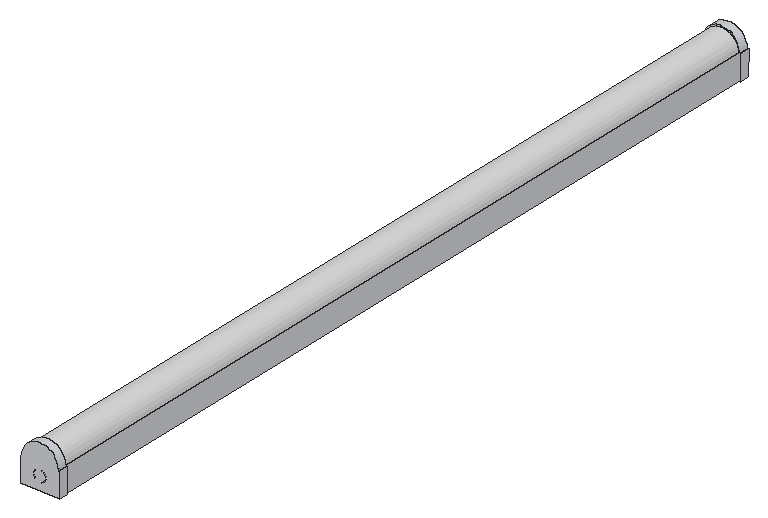
Revit family "0048934", category Lighting Fixtures, host Face, Revit 2017
Family settings
  Host = Face
  Round Connector Dimension = Use Diameter
  Part Type = Normal
  OmniClass Number = 23.80.70.00
  OmniClass Title = Lighting
  Cut with Voids When Loaded = No
  Light Source = Yes
  Shared = No
  Room Calculation Point = No
Parameters (values of type "0048934 WAYLINE 1500 MW 5200LM 840")
  Weight = "7.16 kg"
  Wattage Comments = ""
  Wattage = 37 W
  WarrantyStartDate [instance] = "n/a"
  WarrantyGuarantorParts = "n/a"
  WarrantyDurationUnit = "n/a"
  WarrantyDurationParts = "n/a"
  WarrantyDescription = "n/a"
  WIDTH/2_SYL = 35 mm
  built-in parameter 1150110 = 1 (stored number, unit not read)
  Voltage = 0 V
  URL = "http://www.sylvania-lighting.com"
  TypeName = "Wayline 1500 MW 5200lm 840"
  Type Image = <None>
  Type Comments = "n/a"
  built-in parameter 1114217 = 1 (stored number, unit not read)
  Tilt Angle = -90.00°
  built-in parameter 1150109 = 1 (stored number, unit not read)
  built-in parameter 1150134 = 12
  built-in parameter 1150113 = 1 (stored number, unit not read)
  SerialNumber [instance] = "n/a"
  R_HEIGHT_SYL = 44 mm
  Photometric Web File = "0048934.ies"
  Material_3_SYL = none
  PowerFactor = 0.9
  PowerConsumption = "37 W"
  NominalLength = 1523 mm
  NominalHeight = 76.5 mm
  NominalDepth = 70 mm
  Name = "Wayline 1500 MW 5200lm 840"
  ModelReference = Name  # "Wayline 1500 MW 5200lm 840"
  ModelNumber = "48934"
  Model = Name  # "Wayline 1500 MW 5200lm 840"
  Material = "steel housing, pc polycarbonate diffuser"
  ManufacturerName = "Feilo Sylvania"
  Manufacturer = "Feilo Sylvania"
  LuminousEfficacy = "141 lm/W"
  built-in parameter 1150105 = -7032203 (stored number, unit not read)
  Lumens = 5217 lm
  LuminaireType = ""
  built-in parameter 1150115 = 1 (stored number, unit not read)
  LightOutputRatio = "n/a"
  built-in parameter 1150137 = (empty or 0)
  built-in parameter 1150139 = (empty or 0)
  LampsType = Lamp  # "LED"
  LampNominalLuminous = "5200 lm"
  LampMacAdamStep = "5"
  LampColourTemperature = "4000 K"
  LampColourRenderingIndex = "80"
  built-in parameter 1150112 = 1 (stored number, unit not read)
  built-in parameter 1150114 = 1 (stored number, unit not read)
  Lamp = "LED"
  LUM_R_SYL = 30 mm
  Keynote = "16500"
  InstallationDate [instance] = "n/a"
  InputVoltage = "n/a"
  InputNominalFrequency = "n/a"
  built-in parameter 1150132 = (empty or 0)
  built-in parameter 1150102 = (empty or 0)
  built-in parameter 1150107 = 4000 (stored number, unit not read)
  built-in parameter 1150138 = (empty or 0)
  IngressProtection = "IP20"
  ImpactProtectionIndex = "IK08"
  built-in parameter 1150106 = -70322 (stored number, unit not read)
  IfcExportType = "IfcLightFixtureType"
  IfcExportAs = "IfcLightFixtureType"
  HOLE_HEIGHT_SYL = 24 mm
  HEIGHT_SYL = 76.5 mm
  GAP_SYL = 2.5 mm
  Emit from Circle Diameter = 609.6 mm
  Emit Shape Visible in Rendering = no
  ElectricShockClassification = "Class I"
  built-in parameter 1150104 = 13.099 (stored number, unit not read)
  DocumentationLiterature = "http://www.sylvania-lighting.com/product/en-int/products/0048934"
  DimmingControlOptions = "n/a"
  Material_2_SYL = none
  Dimming Lamp Color Temperature Shift = <None>
  Description = "LED batten, T8 replacement, ease of installation through 2 part push-in design of the housing (safety cable included), through wiring capability, steel housing, 5200lm, 37W, 141lm/W, 4000K, CRI80, 3 step MacAdam ellipse, symmetric wide beam angle, Class I, 90000 hrs L80B20 lifespan, non-dimmable driver, MW sensor for 360° detection up to 8m range at 6m mounting height, IK08, IP20, 1523 x 70 x 76.5mm (LxWxD) dimensions, 1.79kg weight."
  Default Elevation = 1219.2 mm
  CreatedOn = "5/25/2021"
  CreatedBy = "@sylvania-lighting.com"
  Cost = 0
  Color Filter = 16777215
  built-in parameter 1114216 [instance] = (empty or 0)
  ClassificationValue = "EF_70_80"
  ClassificationName = "Uniclass2015"
  Material_1_SYL = Dynamo
  BarCode [instance] = "n/a"
  built-in parameter 1114218 = 1 (stored number, unit not read)
  built-in parameter 1150133 = 10 (stored number, unit not read)
  AssetType = "Fixed"
  AssetIdentifier [instance] = "n/a"
  Assembly Code = "D5020200"
  Apparent Load = 37 VA
  Material_4_SYL = none
Types (8, lengths in mm): name | Weight | Wattage | TypeName | Photometric Web File | PowerFactor | PowerConsumption | Name | ModelReference | ModelNumber | Model | LuminousEfficacy | built-in parameter 1150105 | Lumens | LampNominalLuminous | built-in parameter 1150106 | built-in parameter 1150104 | DocumentationLiterature | Description | Apparent Load
  0048954 WAYLINE 1500 MWCOR 5200LM 840 | "8.28 kg" | 38 W | "Wayline 1500 MWCOR 5200lm 840" | "0048954.ies" | 0.9 | "38 W" | "Wayline 1500 MWCOR 5200lm 840" | "Wayline 1500 MWCOR 5200lm 840" | "48954" | "Wayline 1500 MWCOR 5200lm 840" | "137 lm/W" | -7017375.6 (stored number, unit not read) | 5206 lm | "5200 lm" | -70173.8 (stored number, unit not read) | 12.728 (stored number, unit not read) | "http://www.sylvania-lighting.com/product/en-int/products/0048954" | "LED batten, T8 replacement, ease of installation through 2 part push-in design of the housing (safety cable included), through wiring capability, steel housing, 5200lm, 38W, 137lm/W, 4000K, CRI80, 3 step MacAdam ellipse, symmetric wide beam angle, Class I, 90000 hrs L80B20 lifespan, non-dimmable driver, corridor function with microwave presence sensor, IK08, IP20, 1523 x 70 x 76.5mm  (L x W x H) dimensions, 2.07kg." | 38 VA
  0048935 WAYLINE 1500 MW 8400LM 840 | "7.76 kg" | 61 W | "Wayline 1500 MW 8400lm 840" | "0048935.ies" | 0.9 | "61 W" | "Wayline 1500 MW 8400lm 840" | "Wayline 1500 MW 8400lm 840" | "48935" | "Wayline 1500 MW 8400lm 840" | "138 lm/W" | -18329689.9 (stored number, unit not read) | 8418 lm | "8400 lm" | -183296.9 (stored number, unit not read) | 12.821 (stored number, unit not read) | "http://www.sylvania-lighting.com/product/en-int/products/0048935" | "LED batten, T8 replacement, ease of installation through 2 part push-in design of the housing (safety cable included), through wiring capability, steel housing, 8400lm, 61W, 138lm/W, 4000K, CRI80, 3 step MacAdam ellipse, symmetric wide beam angle, Class I, 90000 hrs L80B20 lifespan, non-dimmable driver, MW sensor for 360° detection up to 8m range at 6m mounting height, IK08, IP20, 1523 x 70 x 76.5mm (LxWxD) dimensions, 1.94kg weight." | 61 VA
  0048934 WAYLINE 1500 MW 5200LM 840 | "7.16 kg" | 37 W | "Wayline 1500 MW 5200lm 840" | "0048934.ies" | 0.9 | "37 W" | "Wayline 1500 MW 5200lm 840" | "Wayline 1500 MW 5200lm 840" | "48934" | "Wayline 1500 MW 5200lm 840" | "141 lm/W" | -7032203 (stored number, unit not read) | 5217 lm | "5200 lm" | -70322 (stored number, unit not read) | 13.099 (stored number, unit not read) | "http://www.sylvania-lighting.com/product/en-int/products/0048934" | "LED batten, T8 replacement, ease of installation through 2 part push-in design of the housing (safety cable included), through wiring capability, steel housing, 5200lm, 37W, 141lm/W, 4000K, CRI80, 3 step MacAdam ellipse, symmetric wide beam angle, Class I, 90000 hrs L80B20 lifespan, non-dimmable driver, MW sensor for 360° detection up to 8m range at 6m mounting height, IK08, IP20, 1523 x 70 x 76.5mm (LxWxD) dimensions, 1.79kg weight." | 37 VA
  0048931 WAYLINE 1500 8400LM 840 EM | "9.16 kg" | 64 W | "Wayline 1500 8400lm 840 EM" | "0048931.ies" | 1 | "64 W" | "Wayline 1500 8400lm 840 EM" | "Wayline 1500 8400lm 840 EM" | "48931" | "Wayline 1500 8400lm 840 EM" | "131 lm/W" | -18255657 (stored number, unit not read) | 8384 lm | "8400 lm" | -182556.6 (stored number, unit not read) | 12.17 (stored number, unit not read) | "http://www.sylvania-lighting.com/product/en-int/products/0048931" | "LED batten, T8 replacement, ease of installation through 2 part push-in design of the housing (safety cable included), through wiring capability, steel housing, 8400lm, 64W, 131lm/W, 4000K, CRI80, 3 step MacAdam ellipse, symmetric wide beam angle, Class I, 90000 hrs L80B20 lifespan, non-dimmable driver, 3-hour maintained emergency batteries, IK08, IP20, 1523 x 70 x 76.5mm  (L x W x H) dimensions, 2.29kg." | 64 VA
  0048930 WAYLINE 1500 5200LM 840 EM | "8.56 kg" | 41 W | "Wayline 1500 5200lm 840 EM" | "0048930.ies" | 1 | "41 W" | "Wayline 1500 5200lm 840 EM" | "Wayline 1500 5200lm 840 EM" | "48930" | "Wayline 1500 5200lm 840 EM" | "127 lm/W" | -7018723.6 (stored number, unit not read) | 5207 lm | "5200 lm" | -70187.2 (stored number, unit not read) | 11.799 (stored number, unit not read) | "http://www.sylvania-lighting.com/product/en-int/products/0048930" | "LED batten, T8 replacement, ease of installation through 2 part push-in design of the housing (safety cable included), through wiring capability, steel housing, 5200lm, 41W, 127lm/W, 4000K, CRI80, 3 step MacAdam ellipse, symmetric wide beam angle, Class I, 90000 hrs L80B20 lifespan, non-dimmable driver, 3-hour maintained emergency batteries, IK08, IP20, 1523 x 70 x 76.5mm  (L x W x H) dimensions, 2.14kg." | 41 VA
  0048927 WAYLINE 1500 DALI 8300LM 840 | "8.0 kg" | 60 W | "Wayline 1500 DALI 8300lm 840" | "0048927.ies" | 0.9 | "60 W" | "Wayline 1500 DALI 8300lm 840" | "Wayline 1500 DALI 8300lm 840" | "48927" | "Wayline 1500 DALI 8300lm 840" | "138 lm/W" | -17814585.6 (stored number, unit not read) | 8280 lm | "8300 lm" | -178145.9 (stored number, unit not read) | 12.821 (stored number, unit not read) | "http://www.sylvania-lighting.com/product/en-int/products/0048927" | "LED batten, T8 replacement, ease of installation through 2 part push-in design of the housing (safety cable included), through wiring capability, steel housing, 8300lm, 60W, 138lm/W, 4000K, CRI80, 3 step MacAdam ellipse, symmetric wide beam angle, Class I, 90000 hrs L80B20 lifespan, DALI dimmable driver, IK08, IP20, 1523 x 70 x 76.5mm (LxWxD) dimensions, 2kg weight." | 60 VA
  0048926 WAYLINE 1500 DALI 5200LM 840 | "8.0 kg" | 37 W | "Wayline 1500 DALI 5200lm 840" | "0048926.ies" | 0.9 | "37 W" | "Wayline 1500 DALI 5200lm 840" | "Wayline 1500 DALI 5200lm 840" | "48926" | "Wayline 1500 DALI 5200lm 840" | "141 lm/W" | -7032203 (stored number, unit not read) | 5217 lm | "5200 lm" | -70322 (stored number, unit not read) | 13.099 (stored number, unit not read) | "http://www.sylvania-lighting.com/product/en-int/products/0048926" | "LED batten, T8 replacement, ease of installation through 2 part push-in design of the housing (safety cable included), through wiring capability, steel housing, 5200lm, 37W, 141lm/W, 4000K, CRI80, 3 step MacAdam ellipse, symmetric wide beam angle, Class I, 90000 hrs L80B20 lifespan, DALI dimmable driver, IK08, IP20, 1523 x 70 x 76.5mm (LxWxD) dimensions, 2kg weight." | 37 VA
  0048955 WAYLINE 1500 MWCOR 8300LM 840 | "8.28 kg" | 61 W | "Wayline 1500 MWCOR 8300lm 840" | "0048955.ies" | 0.9 | "61 W" | "Wayline 1500 MWCOR 8300lm 840" | "Wayline 1500 MWCOR 8300lm 840" | "48955" | "Wayline 1500 MWCOR 8300lm 840" | "136 lm/W" | -17849009.9 (stored number, unit not read) | 8296 lm | "8300 lm" | -178490.1 (stored number, unit not read) | 12.635 (stored number, unit not read) | "http://www.sylvania-lighting.com/product/en-int/products/0048955" | "LED batten, T8 replacement, ease of installation through 2 part push-in design of the housing (safety cable included), through wiring capability, steel housing, 8300lm, 61W, 136lm/W, 4000K, CRI80, 3 step MacAdam ellipse, symmetric wide beam angle, Class I, 90000 hrs L80B20 lifespan, non-dimmable driver, corridor function with microwave presence sensor, IK08, IP20, 1523 x 70 x 76.5mm  (L x W x H) dimensions, 2.07kg." | 61 VA
Reference planes
  plane 1 "Center (Front/Back)": y = 0
  plane 2: z = 0
  plane 3 "Center (Left/Right)": x = 0
  plane 4: z = 76.5
  plane 5: x = -35
  plane 6: x = 35
  plane 7: z = 44
  plane 8: x = -32.5
  plane 9: x = 32.5
  plane 10: z = 24
  plane 11: x = 2.5
  plane 12: x = -2.5
  plane 13: z = 26.5
  plane 14: z = 21.5
  plane 15: z = 74
Forms (mm)
  Extrusion 1, solid
    sketch origin (0, 0, 0) x (1, 0, 0) y (0, 0, 1)
      loop
        arc (32.5, 44) -> (0, 76.5) -> (-32.5, 44) r 32.5
        line (-32.5, 44) -> (-35, 44) -> (-35, 0) -> (35, 0) -> (35, 44) -> (32.5, 44)
      loop
        line (2.5, 34.712) -> (2.5, 33.682)
        arc (2.5, 33.682) -> (7.071, 31.071) -> (9.682, 26.5) r 10
        line (9.682, 26.5) -> (10.712, 26.5)
        arc (10.712, 26.5) -> (7.778, 31.778) -> (2.5, 34.712) r 11
      loop
        line (-2.5, 33.682) -> (-2.5, 34.712)
        arc (-2.5, 34.712) -> (-7.778, 31.778) -> (-10.712, 26.5) r 11
        line (-10.712, 26.5) -> (-9.682, 26.5)
        arc (-9.682, 26.5) -> (-7.071, 31.071) -> (-2.5, 33.682) r 10
      loop
        line (-9.682, 21.5) -> (-10.712, 21.5)
        arc (-10.712, 21.5) -> (-7.778, 16.222) -> (-2.5, 13.288) r 11
        line (-2.5, 13.288) -> (-2.5, 14.318)
        arc (-2.5, 14.318) -> (-7.071, 16.929) -> (-9.682, 21.5) r 10
      loop
        line (2.5, 14.318) -> (2.5, 13.288)
        arc (2.5, 13.288) -> (7.778, 16.222) -> (10.712, 21.5) r 11
        line (10.712, 21.5) -> (9.682, 21.5)
        arc (9.682, 21.5) -> (7.071, 16.929) -> (2.5, 14.318) r 10
    from 745.5 to 761.5
  Extrusion 2, solid, material "Dynamo" <- "Material_1_SYL"
    sketch origin (0, 0, 0) x (1, 0, 0) y (0, 0, 1)
      loop
        line (-30, 44) -> (30, 44)
        arc (30, 44) -> (0, 74) -> (-30, 44) r 30
    from -745.5 to 745.5
  Extrusion 3, solid
    sketch origin (0, 0, 0) x (1, 0, 0) y (0, 0, 1)
      loop
        line (-32.5, 44) -> (-32.5, 0) -> (32.5, 0) -> (32.5, 44) -> (-32.5, 44)
    from -745.5 to 745.5
  Extrusion 4, solid
    sketch origin (0, 0, 0) x (1, 0, 0) y (0, 0, -1)
      loop
        line (32.5, -44) -> (35, -44) -> (35, 0) -> (-35, 0) -> (-35, -44) -> (-32.5, -44)
        arc (-32.5, -44) -> (0, -76.5) -> (32.5, -44) r 32.5
      loop
        arc (2.5, -34.712) -> (7.778, -31.778) -> (10.712, -26.5) r 11
        line (10.712, -26.5) -> (9.682, -26.5)
        arc (9.682, -26.5) -> (7.071, -31.071) -> (2.5, -33.682) r 10
        line (2.5, -33.682) -> (2.5, -34.712)
      loop
        arc (-2.5, -33.682) -> (-7.071, -31.071) -> (-9.682, -26.5) r 10
        line (-9.682, -26.5) -> (-10.712, -26.5)
        arc (-10.712, -26.5) -> (-7.778, -31.778) -> (-2.5, -34.712) r 11
        line (-2.5, -34.712) -> (-2.5, -33.682)
      loop
        arc (-9.682, -21.5) -> (-7.071, -16.929) -> (-2.5, -14.318) r 10
        line (-2.5, -14.318) -> (-2.5, -13.288)
        arc (-2.5, -13.288) -> (-7.778, -16.222) -> (-10.712, -21.5) r 11
        line (-10.712, -21.5) -> (-9.682, -21.5)
      loop
        arc (2.5, -14.318) -> (7.071, -16.929) -> (9.682, -21.5) r 10
        line (9.682, -21.5) -> (10.712, -21.5)
        arc (10.712, -21.5) -> (7.778, -16.222) -> (2.5, -13.288) r 11
        line (2.5, -13.288) -> (2.5, -14.318)
    from 745.5 to 761.5
Dimensions and locks
  "HEIGHT_SYL": plane 4 to host face
  "WIDTH/2_SYL": plane 6 to plane 3 "Center (Left/Right)" to plane 5
  "R_HEIGHT_SYL": plane 7 to host face
  "GAP_SYL": plane 8 to plane 5
  "GAP_SYL": plane 6 to plane 9
  "HOLE_HEIGHT_SYL": plane 10 to host face
  "GAP_SYL": plane 13 to plane 10 to plane 14
  "GAP_SYL": plane 11 to plane 3 "Center (Left/Right)" to plane 12
  "LUM_R_SYL": plane 15 to plane 7
  aligned and locked: plane 2 to host face
  aligned and locked: level to host face
Automatic sketch dimensions
  host sketch curve to host sketch curve = 2438.4 mm  (x2)
  Extrusion 1 sketch curve to Extrusion 1 sketch curve = 0 mm  (x58)
  Extrusion 1 sketch curve to level = 0 mm
  Extrusion 1 sketch curve to plane 5 = 0 mm
  Extrusion 1 sketch curve to plane 7 = 0 mm
  Extrusion 1 sketch curve to plane 8 = 0 mm
  Extrusion 1 sketch curve to plane 13 = 0 mm  (x2)
  Extrusion 1 sketch curve to plane 14 = 0 mm  (x2)
  Extrusion 1 sketch curve to plane 12 = 0 mm  (x2)
  Extrusion 1 sketch curve to plane 3 "Center (Left/Right)" = 0 mm  (x2)
  Extrusion 1 sketch curve to plane 11 = 0 mm  (x2)
  Extrusion 1 sketch curve to plane 6 = 0 mm
  Extrusion 1 sketch curve to plane 10 = 0 mm
  Extrusion 1 sketch curve to plane 12 = 8.212 mm
  Extrusion 1 sketch curve to Extrusion 1 sketch curve = 1.03 mm  (x4)
  plane 11 to Extrusion 1 sketch curve = 7.182 mm
  Extrusion 2 sketch curve to plane 7 = 0 mm
  Extrusion 2 sketch curve to plane 3 "Center (Left/Right)" = 0 mm
  plane 8 to Extrusion 2 sketch curve = 2.5 mm
  Extrusion 3 sketch curve to level = 0 mm
  Extrusion 3 sketch curve to plane 8 = 0 mm
  Extrusion 3 sketch curve to plane 9 = 0 mm
  Extrusion 3 sketch curve to plane 7 = 0 mm
  Extrusion 4 sketch curve to Extrusion 4 sketch curve = 0 mm  (x58)
  Extrusion 4 sketch curve to level = 0 mm
  Extrusion 4 sketch curve to plane 5 = 0 mm
  Extrusion 4 sketch curve to plane 7 = 0 mm
  Extrusion 4 sketch curve to plane 8 = 0 mm
  Extrusion 4 sketch curve to plane 13 = 0 mm  (x2)
  Extrusion 4 sketch curve to plane 14 = 0 mm  (x2)
  Extrusion 4 sketch curve to plane 12 = 0 mm  (x2)
  Extrusion 4 sketch curve to plane 3 "Center (Left/Right)" = 0 mm  (x2)
  Extrusion 4 sketch curve to plane 11 = 0 mm  (x2)
  Extrusion 4 sketch curve to plane 6 = 0 mm
  Extrusion 4 sketch curve to plane 10 = 0 mm
  Extrusion 4 sketch curve to plane 12 = 8.212 mm
  Extrusion 4 sketch curve to Extrusion 4 sketch curve = 1.03 mm  (x4)
  plane 11 to Extrusion 4 sketch curve = 7.182 mm
Connectors
  electrical at (0, -761.5, 29.333)
    settings: on Extrusion 1, index 1, voltage 0 V, apparent load 0 VA, apparent load phase1 0 VA, apparent load phase2 0 VA, apparent load phase3 0 VA, power factor 1, load classification "Other", number of poles 1, system type 31, power factor state 1, is connector primary yes, connector utility no, sub classification motor no, connector description ""
